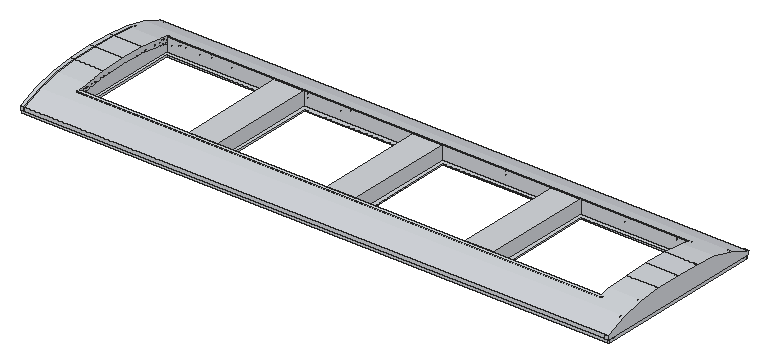
Revit family "Gira_0214736", category Electrical Fixtures, host Face, Revit 2017
Family settings
  Host = Face
  Maintain Annotation Orientation = No
  Round Connector Dimension = Use Diameter
  Part Type = Normal
  Cut with Voids When Loaded = No
  Shared = No
  Room Calculation Point = No
Parameters (values of type "Cov.fr. 4-g interm.fr. CAl Gira Event Clear black")
  URL = "http://katalog.gira.de/en/datenblatt.html?artikelnr=0214736"
  Transparent = "No"
  Name = "Cov.fr. 4-g interm.fr. CAl Gira Event Clear black"
  Manufacturer URL = "https://www.gira.de/"
  Manufacturer = "Gira"
  Label space/information surface = "No"
  Keynote = ""
  HeinzeBIM = "https://bimportal.heinze.de/bim/cov-fr-4-g-interm-fr-cal-gira-event-clear-black/189517a175637514ee22890ad590cfd727bd3b19"
  HAN = "0214736"
  GTIN = "4010337068884"
  Description = "Cov.fr.4g i.fr.CAl EvCl BK,Gira Event Clear cover frame,black with colour aluminium intermediate frame,4-gang,Features:,- Shatter-proof."
  Default Elevation = 1219.2 mm
  Data sheet (1) = "https://katalog.gira.de/en/download.html?artikelnr=0214736"
  Category = "Cover frame for domestic switching devices"
  BIM (1) = "https://media.stage.bim.site/public/gira/36a6b08/Event_Rahmen_4fach.rfa"
  Available = "No"
Reference planes
  plane 1 "Center (Front/Back)": y = 0
  plane 2: z = 0
  plane 3 "Center (Left/Right)": x = 0
Forms (mm)
  Extrusion 1, solid, detail levels fine
    sketch origin (0, 0, 0.05) x (0, 1, 0) y (0, 0, 1)
      loop
        arc (12.445, 9.683) -> (6.223, 9.833) -> (0, 9.85) r 291.636
        arc (0, 9.85) -> (-6.223, 9.833) -> (-12.445, 9.683) r 291.636
        arc (-12.445, 9.683) -> (-29.14, 7.482) -> (-45, 1.823) r 79.728
        line (-45, 1.823) -> (-45, -0.05) -> (-42.086, -0.05)
        arc (-42.086, -0.05) -> (-21.385, 5.559) -> (0, 7.206) r 114.424
        arc (0, 7.206) -> (21.385, 5.559) -> (42.086, -0.05) r 114.424
        line (42.086, -0.05) -> (45, -0.05) -> (45, 1.823)
        arc (45, 1.823) -> (29.14, 7.482) -> (12.445, 9.683) r 79.728
    from -151.95 to 151.935
  Extrusion 2, void, detail levels fine
    sketch origin (0, 0, 0) x (1, 0, 0) y (0, 1, 0)
      loop
        line (134.95, 28.035) -> (-134.95, 28.035) -> (-134.95, -28.035) -> (134.95, -28.035) -> (134.95, 28.035)
    from 0.724 to 11
  Extrusion 3, solid, detail levels coarse
    sketch origin (0, 0, 0) x (1, 0, 0) y (0, 1, 0)
      loop
        line (-151.95, 45) -> (-151.95, -45) -> (151.935, -45) -> (151.935, 45) -> (-151.95, 45)
    from -1.5 to 9.9
  Extrusion 4, solid, detail levels medium
    sketch origin (0, 0, 0.05) x (0, 1, 0) y (0, 0, 1)
      loop
        arc (12.445, 9.683) -> (6.223, 9.833) -> (0, 9.85) r 291.636
        arc (0, 9.85) -> (-6.223, 9.833) -> (-12.445, 9.683) r 291.636
        arc (-12.445, 9.683) -> (-29.14, 7.482) -> (-45, 1.823) r 79.728
        line (-45, 1.823) -> (-45, -0.05) -> (45, -0.05) -> (45, 1.823)
        arc (45, 1.823) -> (29.14, 7.482) -> (12.445, 9.683) r 79.728
    from -151.95 to 151.935
  Extrusion 5, solid, detail levels fine
    sketch origin (-106.95, 0, -1.5) x (0, 1, 0) y (0, 0, -1)
      loop
        line (45, -3.373) -> (45, -1.5) -> (-45, -1.5) -> (-45, -3.373)
        arc (-45, -3.373) -> (-29.14, -9.032) -> (-12.445, -11.233) r 79.728
        arc (-12.445, -11.233) -> (-6.223, -11.383) -> (0, -11.4) r 291.636
        arc (0, -11.4) -> (6.223, -11.383) -> (12.445, -11.233) r 291.636
        arc (12.445, -11.233) -> (29.14, -9.032) -> (45, -3.373) r 79.728
    from 43 to 45
  Extrusion 6, solid, detail levels fine
    sketch origin (0, 0, 0) x (1, 0, 0) y (0, 1, 0)
      loop
        line (-132.85, 25.7) -> (-132.85, -25.7) -> (-81.05, -25.7) -> (-81.05, 25.7) -> (-132.85, 25.7)
      loop
        line (-9.755, -25.7) -> (-9.755, 25.7) -> (-61.555, 25.7) -> (-61.555, -25.7) -> (-9.755, -25.7)
      loop
        line (-135.845, 28.49) -> (-135.845, -28.495)
        spline (-135.845, -28.495) -> (-135.836, -28.625) -> (-135.811, -28.754) -> (-135.769, -28.878) -> (-135.711, -28.995) -> (-135.638, -29.104) -> (-135.552, -29.202) -> (-135.454, -29.288) -> (-135.345, -29.361) -> (-135.228, -29.419) -> (-135.104, -29.461) -> (-134.975, -29.486) -> (-134.845, -29.495)
        line (-134.845, -29.495) -> (134.845, -29.495)
        spline (134.845, -29.495) -> (134.975, -29.486) -> (135.104, -29.461) -> (135.228, -29.419) -> (135.345, -29.361) -> (135.454, -29.288) -> (135.552, -29.202) -> (135.638, -29.104) -> (135.711, -28.995) -> (135.769, -28.878) -> (135.811, -28.754) -> (135.836, -28.625) -> (135.845, -28.495)
        line (135.845, -28.495) -> (135.845, 28.49)
        spline (135.845, 28.49) -> (135.836, 28.62) -> (135.811, 28.748) -> (135.769, 28.872) -> (135.711, 28.99) -> (135.638, 29.098) -> (135.552, 29.197) -> (135.454, 29.283) -> (135.345, 29.356) -> (135.228, 29.413) -> (135.104, 29.456) -> (134.975, 29.481) -> (134.845, 29.49)
        line (134.845, 29.49) -> (-134.845, 29.49)
        spline (-134.845, 29.49) -> (-134.975, 29.481) -> (-135.104, 29.456) -> (-135.228, 29.413) -> (-135.345, 29.356) -> (-135.454, 29.283) -> (-135.552, 29.197) -> (-135.638, 29.098) -> (-135.711, 28.99) -> (-135.769, 28.872) -> (-135.811, 28.748) -> (-135.836, 28.62) -> (-135.845, 28.49)
      loop
        line (61.545, -25.7) -> (61.545, 25.7) -> (9.745, 25.7) -> (9.745, -25.7) -> (61.545, -25.7)
      loop
        line (132.85, -25.7) -> (132.85, 25.7) -> (81.05, 25.7) -> (81.05, -25.7) -> (132.85, -25.7)
    from 0.1 to 7.3
  Extrusion 7, solid
    sketch origin (0, 0, 0) x (1, 0, 0) y (0, 1, 0)
      loop
        arc (-151.65, -44.218) -> (-151.504, -44.572) -> (-151.15, -44.718) r 0.5
        line (-151.15, -44.718) -> (151.15, -44.718)
        arc (151.15, -44.718) -> (151.504, -44.572) -> (151.65, -44.218) r 0.5
        line (151.65, -44.218) -> (151.65, 44.182)
        arc (151.65, 44.182) -> (151.504, 44.535) -> (151.15, 44.682) r 0.5
        line (151.15, 44.682) -> (-151.15, 44.682)
        arc (-151.15, 44.682) -> (-151.504, 44.535) -> (-151.65, 44.182) r 0.5
        line (-151.65, 44.182) -> (-151.65, -44.218)
      loop
        line (-149.95, 42.982) -> (-149.95, -43.018) -> (149.95, -43.018) -> (149.95, 42.982) -> (-149.95, 42.982)
    from -1.5 to 0.5
  Extrusion 8, solid, detail levels fine
    sketch origin (106.935, 0, -1.5) x (0, 1, 0) y (0, 0, 1)
      loop
        arc (45, 3.373) -> (29.14, 9.032) -> (12.445, 11.233) r 79.728
        arc (12.445, 11.233) -> (6.223, 11.383) -> (0, 11.4) r 291.636
        arc (0, 11.4) -> (-6.223, 11.383) -> (-12.445, 11.233) r 291.636
        arc (-12.445, 11.233) -> (-29.14, 9.032) -> (-45, 3.373) r 79.728
        line (-45, 3.373) -> (-45, 1.5) -> (45, 1.5) -> (45, 3.373)
    from 43 to 45
  Extrusion 9, solid, detail levels medium
    sketch origin (0, 0, 0) x (1, 0, 0) y (0, 1, 0)
      loop
        line (-151.65, -44.718) -> (151.65, -44.718) -> (151.65, 44.682) -> (-151.65, 44.682) -> (-151.65, -44.718)
    from -1.5 to 0.5
  Extrusion 10, solid, detail levels fine
    sketch origin (-69.857, 0, 0) x (1, 0, 0) y (0, 1, 0)
      loop
        line (-8.943, 28.063) -> (-8.943, -27.937) -> (6.057, -27.937) -> (6.057, 28.063) -> (-8.943, 28.063)
    from 0.724 to 7.566
  Extrusion 11, solid, detail levels fine
    sketch origin (-1.443, 0, 0) x (-1, 0, 0) y (0, -1, 0)
      loop
        line (-8.943, -28.063) -> (6.057, -28.063) -> (6.057, 27.937) -> (-8.943, 27.937) -> (-8.943, -28.063)
    from 0.724 to 7.566
  Extrusion 12, solid, detail levels fine
    sketch origin (69.857, 0, 0) x (-1, 0, 0) y (0, -1, 0)
      loop
        line (-8.943, -28.063) -> (6.057, -28.063) -> (6.057, 27.937) -> (-8.943, 27.937) -> (-8.943, -28.063)
    from 0.724 to 7.566
Cuts and joins
  Extrusion 2 cuts Extrusion 1
  Extrusion 2 cuts Extrusion 6
Dimensions and locks
  aligned and locked: plane 2 to host face
  aligned and locked: level to host face
